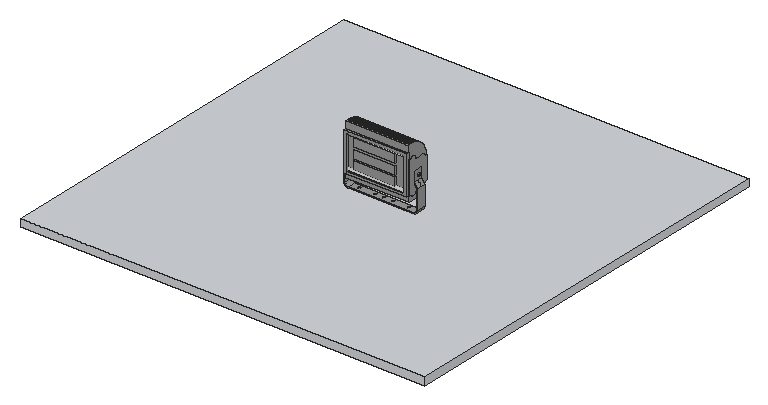
Revit family "ARRN", category Lighting Fixtures, host Face, Revit 2014
Parameters (values of type "ARRN")
  Wings = Paint - Hubbell - Light Silver
  Width = 136.00 mm
  Watts = 54 W
  Wattage Comments = "54"
  Wattage = 54 W
  Warranty = "5 years Warranty"  # constant formula
  built-in parameter 1150110 = 1 (stored number, unit not read)
  Voltage = 120 V
  URL = "https://www.hubbell.com/chalmit/en"
  built-in parameter 1114217 = 1 (stored number, unit not read)
  Tilt Angle = 90.00°
  built-in parameter 1150109 = 1 (stored number, unit not read)
  built-in parameter 1150134 = 3
  built-in parameter 1150113 = 1 (stored number, unit not read)
  Reflector Finish = Hubbell - White Glass
  Product Link = "https://www.hubbell.com/chalmit/en/Products/Lighting-Controls/Harsh-Hazardous-Lighting/Flood-Lighting/Arran/p/866093"
  Product Documentation Link = "https://hubbellcdn.com/specsheet/Arran_Zone2_Datasheet_V2.pdf"
  Power Factor = 1
  Photometric Web File = "ARRN_06L_LE.ies"
  Pendent Height [instance] = 97.00 mm
  built-in parameter 1150142 = "﻿IESNA:LM-63-2002\r\n[TEST]SD1902073C\r\n[TESTLAB]Hubbell Scotland\r\n[ISSUEDATE]2019-02-08\r\n[MANUFAC]Chalmit Lighting\r\n[LUMINAIRE]Arran LED Floodlight           \r\n[LUMCAT]ARRN/06L/LE\r\n[LAMPCAT]LED  \r\n[LAMP]LED\r\n[_LUMTYPE]Floodlight\r\n[_LAMPTYPE]LED\r\n[_LAMPMORE]Light Emitting Diodes, White\r\n[_HAZRATING]Zone 2, Zone 21, Zone 22\r\n[_HAZPRO]Ex nA, IECEx, ATEX\r\n[_ENVIRORATING]IP66\r\n[_AMBIENT]-50°C to +40°C (T6), -50°C to +55°C (T5)\r\n[_MOUNT]Surface, Suspended, Stanchion, Wall, Stirrup, Pendant\r\n[_KEYWORDS]Pole, Column, Mast, Floor Stand, Ratchet Handles, Swing Jib, Tripod\r\n[_DRAWFILE]ARRAN.dwg\r\n\r\nTILT=NONE\r\n1 -1 1 41 25 1 2 0.44 0.29 0.15\r\n1 1 53.76\r\n0 2.5 5 7.5 10 12.5 15 17.5 20 22.5 25 27.5 30 32.5 35 37.5 40 42.5 45 47.5 50 52.5 55 57.5 60 62.5 65 67.5 70 72.5 75 77.5 80 82.5 85 87.5 90 92.5 95 97.5 100\r\n0 15 30 45 60 75 90 105 120 135 150 165 180 195 210 225 240 255 270 285 300 315 330 345 360\r\n2355.52 2352.37 2347.78 2342.42 2335.11 2332.57 2327.33 2317.71 2298.92 2279.74 2253.22 2218.93 2180.29 2140.35 2094.6 2042.3 1986.3 1920.7 1848.04 1763.24 1678.78 1582.3 1475.46 1354.72 1227.67 1092.08 949.594 801.975 639.715 381.769 279.38 157.67 112.07 45.2959 14.7575 6.34816 2.77073 2.35007 1.79918 3.22281 2.90247\r\n2355.52 2351.33 2344.26 2339.59 2332.88 2329.51 2321.22 2308.61 2292.77 2270.16 2246.87 2213.47 2177.06 2140.2 2095.2 2042.71 1981.21 1909.59 1831.76 1743.56 1645.96 1546.4 1435.02 1314.03 1190.92 1057.78 905.96 745.626 579.123 350.001 255.119 142.736 98.0106 25.47 10.9221 4.33882 1.06231 3.37761 2.39983 3.05677 2.84786\r\n2351.7 2349.8 2344.1 2336.93 2331.67 2327.9 2321.43 2313.04 2299.45 2283.01 2259.9 2233.41 2201.68 2163.27 2121.34 2068.6 2013.06 1952.01 1875.77 1791.91 1700.59 1595.97 1486.03 1361.18 1225.25 1078.84 937.487 788.105 639.249 486.359 289.028 207.132 118.338 52.1951 14.0197 5.71906 2.70503 1.33166 2.33255 3.27084 3.34935\r\n2351.56 2345.68 2338.83 2333.48 2325.99 2322.16 2315.39 2305.41 2296.19 2278.32 2257.65 2230.53 2203.06 2163.83 2119.48 2066.7 2008.22 1938.53 1860.14 1771.22 1669.33 1557.35 1435.77 1298.7 1171.91 1027.35 879.953 725.44 601.863 464.842 344.867 201.276 127.073 55.4836 10.938 4.33436 1.66162 2.44811 0.884179 1.91297 4.19892\r\n2347.84 2345.4 2336.9 2329.83 2326.23 2321.79 2314.56 2306.18 2295.12 2278.85 2258.53 2232.24 2202.18 2168.12 2123.94 2075.76 2017.13 1956.63 1885.84 1795.57 1697.13 1594.65 1500.49 1387.17 1250.14 1101.8 939.296 783.394 637.483 491.888 356.897 250.329 167.97 74.2571 22.128 4.4811 0.92091 2.53941 2.38282 1.88861 1.8166\r\n2346.73 2342.12 2337.06 2329.06 2324.55 2323.4 2314.72 2304.15 2286.83 2268.08 2245.3 2217.65 2183.49 2148.02 2099.49 2042.95 1988.84 1919.13 1835.73 1745.02 1668.96 1582.64 1464.96 1335.67 1206.14 1058.61 909.154 750.603 595.592 450.074 315.517 216.446 132.775 73.2516 11.5201 4.00227 0 1.74851 1.54515 2.47081 2.23944\r\n2345.02 2342.8 2338.52 2334.24 2325.78 2325.72 2322.65 2310.51 2295.09 2274.81 2253.93 2223.3 2185.8 2140.07 2096.05 2046.97 1993.66 1926.75 1849.47 1767.89 1691.63 1598.43 1496.57 1363.72 1233.72 1093.32 955.146 792.634 639.025 479.546 344.145 236.62 154.03 70.9042 23.7527 2.1122 1.14138 2.62183 1.63811 1.35155 2.20072\r\n2347.52 2342.63 2337.54 2335.42 2331.46 2330.6 2321.03 2309.06 2294.1 2274.23 2249.96 2221.14 2189.73 2154.85 2107 2054.48 1999.93 1933.15 1856.54 1766.37 1681.49 1604.46 1495 1358.48 1225.01 1075.79 926.991 762.984 614.139 467.053 326.881 220.089 135.216 70.9405 8.17531 1.7548 1.83162 1.26246 2.30361 1.62846 2.00266\r\n2350.04 2347.42 2343.72 2338.14 2335.81 2333.29 2325.28 2314.51 2302.28 2286.95 2266.86 2243.91 2214.77 2182.41 2141.51 2096.75 2041.4 1981.94 1912.08 1823.23 1728.4 1620.89 1520.37 1409.68 1283.59 1138.83 975.975 816.271 664.493 520.236 379.623 258.712 148.774 69.8843 16.1771 2.7904 1.01033 1.91543 2.46038 0.200343 0.769972\r\n2354.36 2350.04 2346.97 2343.23 2338.68 2333.57 2324.25 2314.27 2302.88 2288.58 2272.06 2248.84 2218.44 2183.85 2140.77 2087.93 2028.25 1963.54 1889.38 1805.46 1709.54 1598.87 1476.94 1344.94 1219.05 1064.93 924.84 765.387 625.579 482.831 310.581 199.866 110.306 38.4925 6.95655 2.17641 2.12549 0.507314 2.03373 2.12495 1.02322\r\n2355.2 2353.38 2352.45 2346 2341.8 2337.08 2328.05 2317.71 2307.73 2292.6 2274.45 2251.09 2223.49 2185.6 2142.58 2098.55 2038.28 1978.56 1912.21 1826.53 1738.89 1638.42 1528.47 1405.95 1273.81 1121.11 979.562 831.079 670.124 447.771 294.246 196.934 112.432 39.5486 11.0191 4.44631 2.25076 0.205207 1.34053 0.571519 1.80389\r\n2357.74 2355.21 2352.99 2347.57 2340.64 2337.43 2330.14 2315.4 2302.09 2284.95 2263.83 2227.85 2195.32 2156.19 2115.84 2067.23 2009.01 1943 1863.83 1776.98 1683.07 1579.92 1471.89 1349.93 1221.29 1082.05 932.135 768.786 482.866 354.377 248.189 127.473 60.7792 16.5888 7.27759 2.5354 2.62789 2.16511 2.79537 1.78507 1.36572\r\n2355.52 2353.24 2349.64 2344.65 2339.08 2338.24 2331.7 2319.35 2302.96 2283.86 2257.7 2228.54 2191.41 2150.67 2106.08 2055.06 1999.07 1934.25 1863.88 1779.71 1691.49 1590.62 1478.62 1360.76 1230.11 1091.56 954.626 781.54 492.634 369.024 260.501 138.4 63.1387 19.6657 7.87917 4.00859 0.160519 0 0 1.1568 0.983276\r\n2355.52 2353.92 2349.88 2345.23 2340.27 2335.82 2327.59 2316.1 2304.07 2287.97 2265.98 2239.04 2204.32 2166 2126.77 2080.86 2029.72 1963.49 1887.97 1802.52 1710.48 1611.57 1497.51 1380.03 1256.8 1120.91 984.25 817.99 600.801 391.321 278.256 144.298 99.4949 21.8631 8.0902 4.17916 1.36863 0.387784 1.77611 1.58303 1.13195\r\n2351.7 2347.77 2345.52 2340.81 2335.71 2330.31 2322.66 2311.92 2302.7 2288.81 2267.77 2244.06 2212.9 2176.51 2133.79 2083.79 2032.42 1970.13 1897.35 1815.46 1723.05 1621.28 1509.99 1383.18 1242.56 1094.24 947.675 804.36 641.672 411.02 284.595 176.011 106.685 30.646 9.06582 2.87756 1.56281 1.69526 0.420075 1.34475 2.75838\r\n2351.56 2347.01 2342.24 2338.64 2331.71 2326.82 2317.57 2310.72 2301.4 2290.25 2271.99 2249.4 2221.34 2187.85 2144.28 2094.92 2040.54 1979.7 1905.43 1827.46 1732.23 1627.88 1509.08 1381.08 1243.33 1102.08 951.695 797.894 652.141 521.594 386.706 222.354 141.471 65.6217 10.7391 3.84288 0.386134 1.18793 0.621427 1.44569 0.998439\r\n2347.84 2343.11 2337.39 2332.57 2327.89 2322.98 2317.07 2306.24 2294.66 2277.28 2256.37 2232.09 2204.9 2171 2129.59 2081.73 2027.41 1961.88 1885.1 1805.17 1704.87 1601.53 1491.19 1386.93 1259.2 1118.59 953.327 801.286 646.654 500.451 358.731 248.537 140.4 57.4234 13.5366 2.90306 0.274848 1.04184 1.09289 0.861863 1.92043\r\n2346.73 2342.84 2338.81 2332.15 2325.36 2323.64 2319.14 2306.38 2293.76 2275.89 2250.3 2223.3 2192.94 2155.26 2112.97 2061.28 2004.99 1944.54 1876.57 1787.4 1693.64 1597.5 1512.99 1385.9 1253.44 1111.5 961.504 808.301 647.82 502.953 360.573 238.813 166.538 84.5618 19.5679 3.25003 0 0.35935 1.65862 0 1.83188\r\n2345.02 2341.64 2337.37 2331.36 2325.49 2323.66 2320.94 2309.25 2287.91 2265.91 2244.24 2211.08 2171.09 2129.26 2083.63 2034.02 1975.92 1913.62 1835.34 1756.95 1669.9 1576.4 1471.22 1347.51 1208.94 1078.07 938.949 778.153 626.026 472.254 335.402 232.525 139.334 70.3592 13.4707 2.82755 0 0.895832 0.87968 1.55972 2.14665\r\n2347.52 2345.87 2339.77 2333.03 2329.39 2325.34 2319.31 2308.52 2290.09 2270.76 2247.4 2220.27 2186.93 2150.01 2106.59 2053.05 1996.05 1934.03 1861.01 1769.4 1676.35 1579.97 1491.21 1372.3 1234.34 1095.97 945.42 790.415 637.883 494.528 351.566 238.875 161.623 87.877 21.7359 2.3876 0 1.30526 0.517235 1.10688 0.716461\r\n2350.04 2347.31 2340.02 2335.5 2329.65 2326.48 2318.09 2308.37 2293.85 2279.28 2257.09 2229.33 2197.04 2158.96 2115.82 2067.88 2011.28 1945.92 1865.24 1781.39 1684.37 1579.56 1468.54 1357.27 1235.18 1075.24 917.49 769.115 619.5 481.577 354.297 243.292 136.933 71.2721 15.598 3.25431 2.21307 1.2138 0.0338176 0.586064 1.31643\r\n2354.36 2352.03 2345.26 2340.15 2332.37 2330.78 2321.53 2314 2302.4 2286.8 2264.28 2241.59 2209.55 2175.19 2125.87 2075.49 2019.26 1952.19 1875.6 1793.79 1694.71 1590.88 1465.61 1334.63 1203.44 1062.28 912.45 770.21 624.102 502.994 373.701 220.213 147.38 71.5043 12.1936 4.70298 0.418309 0 1.19325 0.913115 1.90777\r\n2355.2 2354.17 2349.23 2341.54 2334.73 2332.99 2323.98 2315.7 2299.42 2280.01 2257.67 2231.91 2198.48 2158.83 2112.97 2062.15 2001.81 1943.33 1861.84 1777.73 1683.51 1582.82 1473.68 1350.97 1209.45 1063.4 920.167 771.113 616.809 446.596 269.709 190.983 113.684 45.8094 12.3227 2.77617 0.717166 0.458732 0 1.31649 1.21717\r\n2357.74 2356.61 2350.12 2343.48 2338.41 2334.73 2328.37 2316.99 2301.21 2284.01 2256.17 2224.55 2188.65 2150.2 2108.55 2058.31 1999.22 1931.87 1857.92 1771.11 1680.8 1580.43 1474.53 1352.78 1227.97 1097.36 944.908 792.806 628.403 373.353 272.534 153.087 116.602 42.4105 13.9462 5.54003 0.935477 0.546892 1.45963 0.443408 0.181595\r\n2355.52 2352.37 2347.78 2342.42 2335.11 2332.57 2327.33 2317.71 2298.92 2279.74 2253.22 2218.93 2180.29 2140.35 2094.6 2042.3 1986.3 1920.7 1848.04 1763.24 1678.78 1582.3 1475.46 1354.72 1227.67 1092.08 949.594 801.975 639.715 381.769 279.38 157.67 112.07 45.2959 14.7575 6.34816 2.77073 2.35007 1.79918 3.22281 2.90247\r\n"
  Mounting = Paint - Hubbell - Light Silver
  Model = "ARRN"
  Manufacturer = "Chalmit"  # constant formula
  built-in parameter 1150105 = 429.72 (stored number, unit not read)
  Lumens = 5400 lm
  built-in parameter 1150115 = 1 (stored number, unit not read)
  Load Classification = Lighting
  built-in parameter 1150137 = (empty or 0)
  built-in parameter 1150139 = (empty or 0)
  Length = 444.00 mm
  built-in parameter 1150112 = 1 (stored number, unit not read)
  built-in parameter 1150114 = 1 (stored number, unit not read)
  Lamp = "LED"  # constant formula
  built-in parameter 1150132 = (empty or 0)
  built-in parameter 1150102 = (empty or 0)
  built-in parameter 1150107 = 3200 (stored number, unit not read)
  built-in parameter 1150138 = (empty or 0)
  built-in parameter 1150106 = 4.2972 (stored number, unit not read)
  IP Rating = "IP66"  # constant formula
  Housing Material = Paint - Hubbell - Textured Camera Black
  Glass = Hubbell - Glass
  Fixture distribution = "Direct"  # constant formula
  Features = "Instant on crisp white output.\r\nHighly Energy Efficient.\r\nLow temperature applications to -50°C.\r\n130,000 maintenance free hours at 25°C."  # constant formula
  Emit from Rectangle Width = Length - 80.00 mm  # 364.00 mm
  Emit from Rectangle Length = 200.00 mm  # constant formula
  Emit Shape Visible in Rendering = no
  built-in parameter 1150104 = 9.2903 (stored number, unit not read)
  Height = 443.00 mm
  Dimming Lamp Color Temperature Shift = <None>
  Description = "Sleek and highly efficient this reliable compact luminaire delivers a uniform photometric distribution and powerful performance of 130,000 maintenance free hours at 25°C . The excellent temperature range of -50°C to +55°C makes Arran a global lighting solution providing high output lighting at extreme temperatures. Offering an easily maintainable driver and LED strip, the Arran provides all the advantages of an LED luminaire with the benefit of extending its serviceable life."  # constant formula
  Default Elevation = 1219.20 mm
  Copyright = " ©2020 Chalmit, a division of Hubbell Lighting, Inc"  # constant formula
  Contact = "https://www.hubbell.com/chalmit/en/contactUs"
  Connector Description = "Lighting Connector"  # constant formula
  Color Filter = 16777215
  built-in parameter 1114218 = 1 (stored number, unit not read)
  built-in parameter 1150133 = 10 (stored number, unit not read)
  Assembly Code = "D5020200"
  Apparent Load = Watts / Power Factor  # 54 VA
Reference planes
  plane 1 "Center (Front/Back)": y = 0
  plane 2: z = 14.125
  plane 3 "Center (Left/Right)": x = 0
  plane 4: z = 457.125
  plane 5: z = -150.375
  plane 6: y = 68
  plane 7: y = -68
  plane 8: x = 222
  plane 9: x = -222
  plane 10: z = 224.125
Forms (mm)
  Extrusion 1, solid
    sketch origin (0, 0, 0) x (1, 0, 0) y (0, 1, 0)
      loop
        line (-1219.2, 1219.2) -> (-1219.2, -1219.2) -> (1219.2, -1219.2) -> (1219.2, 1219.2) -> (-1219.2, 1219.2)
    from 14.125 to -31.75
  Sweep 2, solid, material "Paint - Hubbell - Light Silver" <- "Mounting"
    path origin (0, 0, 0) x (1, 0, 0) y (0, 0, 1)
      loop
        line (-203.062, 243.564) -> (-203.062, 188.564)
        spline (-203.062, 188.564) -> (-203.874, 185.987) -> (-204.937, 183.316) -> (-206.216, 180.562) -> (-207.678, 177.738) -> (-209.291, 174.857) -> (-211.021, 171.93) -> (-212.835, 168.971) -> (-214.699, 165.992) -> (-216.581, 163.005) -> (-218.447, 160.024) -> (-220.265, 157.059) -> (-222, 154.125)
        line (-222, 154.125) -> (-222, 39.125)
        arc (-222, 39.125) -> (-214.678, 21.447) -> (-197, 14.125) r 25
        line (-197, 14.125) -> (0, 14.125) -> (197, 14.125)
        arc (197, 14.125) -> (214.678, 21.447) -> (222, 39.125) r 25
        line (222, 39.125) -> (222, 154.125)
        spline (222, 154.125) -> (220.265, 157.059) -> (218.447, 160.024) -> (216.581, 163.005) -> (214.699, 165.992) -> (212.835, 168.971) -> (211.021, 171.93) -> (209.291, 174.857) -> (207.678, 177.738) -> (206.216, 180.562) -> (204.937, 183.316) -> (203.874, 185.987) -> (203.062, 188.564)
        line (203.062, 188.564) -> (203.062, 243.564)
    profile origin (-222, 0, 96.625) x (0, -1, 0) y (1, 0, 0)
      loop
        line (0, 0) -> (25, 0) -> (25, 5) -> (-25, 5) -> (-25, 0) -> (0, 0)
  Revolve 3, solid, material "Paint - Hubbell - Light Silver" <- "Mounting"
    sketch origin (-16.179, 1.072, 219.129) x (1, 0, 0) y (0, 1, 0)
      loop
        line (217.018, 0) -> (226.086, 0) -> (226.086, 7.246)
        arc (226.086, 7.246) -> (225.874, 7.757) -> (225.363, 7.969) r 0.723
        line (225.363, 7.969) -> (217.018, 7.969) -> (217.018, 0)
      axis (226.086, 0) -> (217.018, 0)
    angle from 0 to 360
  Extrusion 4, void
    sketch origin (0, 0, 0) x (1, 0, 0) y (0, 1, 0)
      loop
        circle (0, 0) r 6.5
      loop
        circle (56, 0) r 6.5
      loop
        circle (150, 0) r 6.5
      loop
        circle (-56, 0) r 6.5
      loop
        circle (-150, 0) r 6.5
    from 14.125 to 19.125
  Extrusion 5, solid, material "Paint - Hubbell - Light Silver"
    sketch origin (0, 0, -70) x (0, 1, 0) y (0, 0, 1)
      loop
        line (-58, 458.932) -> (-58, 155.318)
        arc (-58, 155.318) -> (-10.817, 154.834) -> (33.385, 171.347) r 129.029
        arc (33.385, 171.347) -> (60.14, 203.294) -> (76.879, 241.456) r 147.325
        arc (76.879, 241.456) -> (81.499, 307.125) -> (76.879, 372.794) r 469.075
        arc (76.879, 372.794) -> (60.14, 410.956) -> (33.385, 442.903) r 147.325
        arc (33.385, 442.903) -> (-10.817, 459.416) -> (-58, 458.932) r 129.029
    from -187.684 to 189.382
  Extrusion 6, void
    sketch origin (0, 0, -70) x (0, 1, 0) y (0, 0, 1)
      loop
        line (-43.473, 467.058) -> (-43.473, 392.125) -> (-38.473, 392.125) -> (-38.473, 467.058) -> (-43.473, 467.058)
      loop
        line (-33.473, 467.058) -> (-33.473, 392.125) -> (-28.473, 392.125) -> (-28.473, 467.058) -> (-33.473, 467.058)
      loop
        line (-23.473, 467.058) -> (-23.473, 392.125) -> (-18.473, 392.125) -> (-18.473, 467.058) -> (-23.473, 467.058)
      loop
        line (-13.473, 467.058) -> (-13.473, 392.125) -> (-8.473, 392.125) -> (-8.473, 467.058) -> (-13.473, 467.058)
      loop
        line (-2.904, 461.881) -> (-2.904, 386.949) -> (2.096, 386.949) -> (2.096, 461.881) -> (-2.904, 461.881)
      loop
        line (7.096, 461.881) -> (7.096, 384.449) -> (12.096, 384.449) -> (12.096, 461.881) -> (7.096, 461.881)
      loop
        line (15.89, 455.041) -> (15.89, 380.108) -> (20.89, 380.108) -> (20.89, 455.041) -> (15.89, 455.041)
      loop
        line (25.89, 455.041) -> (25.89, 372.608) -> (30.89, 372.608) -> (30.89, 455.041) -> (25.89, 455.041)
      loop
        line (34.575, 450.499) -> (34.575, 368.066) -> (39.575, 368.066) -> (39.575, 450.499) -> (34.575, 450.499)
      loop
        line (44.575, 450.499) -> (44.575, 360.566) -> (49.575, 360.566) -> (49.575, 450.499) -> (44.575, 450.499)
      loop
        line (53.894, 424.072) -> (53.894, 352.89) -> (58.894, 352.89) -> (58.894, 424.072) -> (53.894, 424.072)
      loop
        line (63.894, 424.072) -> (63.894, 349.14) -> (68.894, 349.14) -> (68.894, 424.072) -> (63.894, 424.072)
      loop
        line (-58, 467.058) -> (-58, 392.125) -> (-53, 392.125) -> (-53, 467.058) -> (-58, 467.058)
      loop
        line (-43.473, 147.192) -> (-38.473, 147.192) -> (-38.473, 222.125) -> (-43.473, 222.125) -> (-43.473, 147.192)
      loop
        line (-33.473, 147.192) -> (-28.473, 147.192) -> (-28.473, 222.125) -> (-33.473, 222.125) -> (-33.473, 147.192)
      loop
        line (-23.473, 147.192) -> (-18.473, 147.192) -> (-18.473, 222.125) -> (-23.473, 222.125) -> (-23.473, 147.192)
      loop
        line (-13.473, 147.192) -> (-8.473, 147.192) -> (-8.473, 222.125) -> (-13.473, 222.125) -> (-13.473, 147.192)
      loop
        line (-2.904, 152.369) -> (2.096, 152.369) -> (2.096, 227.301) -> (-2.904, 227.301) -> (-2.904, 152.369)
      loop
        line (7.096, 152.369) -> (12.096, 152.369) -> (12.096, 229.801) -> (7.096, 229.801) -> (7.096, 152.369)
      loop
        line (15.89, 159.209) -> (20.89, 159.209) -> (20.89, 234.142) -> (15.89, 234.142) -> (15.89, 159.209)
      loop
        line (25.89, 159.209) -> (30.89, 159.209) -> (30.89, 241.642) -> (25.89, 241.642) -> (25.89, 159.209)
      loop
        line (34.575, 163.751) -> (39.575, 163.751) -> (39.575, 246.184) -> (34.575, 246.184) -> (34.575, 163.751)
      loop
        line (44.575, 163.751) -> (49.575, 163.751) -> (49.575, 253.684) -> (44.575, 253.684) -> (44.575, 163.751)
      loop
        line (53.894, 190.178) -> (58.894, 190.178) -> (58.894, 261.36) -> (53.894, 261.36) -> (53.894, 190.178)
      loop
        line (63.894, 190.178) -> (68.894, 190.178) -> (68.894, 265.11) -> (63.894, 265.11) -> (63.894, 190.178)
      loop
        line (-58, 147.192) -> (-53, 147.192) -> (-53, 222.125) -> (-58, 222.125) -> (-58, 147.192)
    from -187.684 to 189.382
  Extrusion 7, solid, material "Paint - Hubbell - Light Silver"
    sketch origin (0, 0, -70) x (0, 1, 0) y (0, 0, 1)
      loop
        line (-58, 386.949) -> (-58, 192.924) -> (-46.761, 195.573)
        arc (-46.761, 195.573) -> (-42.878, 195.055) -> (-40.325, 192.084) r 5.5
        arc (-40.325, 192.084) -> (-25.167, 183.867) -> (-15.275, 197.989) r 12.953
        arc (-15.275, 197.989) -> (-14.317, 201.787) -> (-11.075, 203.985) r 5.5
        line (-11.075, 203.985) -> (22.945, 212.004)
        arc (22.945, 212.004) -> (27.971, 211.891) -> (32.306, 209.346) r 10
        arc (32.306, 209.346) -> (47.514, 205.569) -> (57.982, 217.229) r 15.205
        arc (57.982, 217.229) -> (59.284, 219.746) -> (61.745, 221.15) r 5
        line (61.745, 221.15) -> (70.123, 223.125)
        arc (70.123, 223.125) -> (72.382, 223.955) -> (74.377, 225.301) r 10
        line (74.377, 225.301) -> (74.377, 354.571)
        arc (74.377, 354.571) -> (72.382, 355.917) -> (70.123, 356.747) r 10
        line (70.123, 356.747) -> (61.745, 358.722)
        arc (61.745, 358.722) -> (59.284, 360.127) -> (57.982, 362.643) r 5
        arc (57.982, 362.643) -> (47.514, 374.303) -> (32.306, 370.526) r 15.205
        arc (32.306, 370.526) -> (27.971, 367.981) -> (22.945, 367.868) r 10
        line (22.945, 367.868) -> (-11.075, 375.887)
        arc (-11.075, 375.887) -> (-14.317, 378.085) -> (-15.275, 381.884) r 5.5
        arc (-15.275, 381.884) -> (-25.167, 396.005) -> (-40.325, 387.788) r 12.953
        arc (-40.325, 387.788) -> (-42.878, 384.817) -> (-46.761, 384.299) r 5.5
        line (-46.761, 384.299) -> (-58, 386.949)
    from 189.382 to 198.062
  Extrusion 8, solid, material "Paint - Hubbell - Light Silver"
    sketch origin (0, 0, -70) x (0, 1, 0) y (0, 0, -1)
      loop
        line (-58, -386.949) -> (-46.761, -384.299)
        arc (-46.761, -384.299) -> (-42.878, -384.817) -> (-40.325, -387.788) r 5.5
        arc (-40.325, -387.788) -> (-25.167, -396.005) -> (-15.275, -381.884) r 12.953
        arc (-15.275, -381.884) -> (-14.317, -378.085) -> (-11.075, -375.887) r 5.5
        line (-11.075, -375.887) -> (22.945, -367.868)
        arc (22.945, -367.868) -> (27.971, -367.981) -> (32.306, -370.526) r 10
        arc (32.306, -370.526) -> (47.514, -374.303) -> (57.982, -362.643) r 15.205
        arc (57.982, -362.643) -> (59.284, -360.127) -> (61.745, -358.722) r 5
        line (61.745, -358.722) -> (70.123, -356.747)
        arc (70.123, -356.747) -> (72.382, -355.917) -> (74.377, -354.571) r 10
        line (74.377, -354.571) -> (74.377, -225.301)
        arc (74.377, -225.301) -> (72.382, -223.955) -> (70.123, -223.125) r 10
        line (70.123, -223.125) -> (61.745, -221.15)
        arc (61.745, -221.15) -> (59.284, -219.746) -> (57.982, -217.229) r 5
        arc (57.982, -217.229) -> (47.514, -205.569) -> (32.306, -209.346) r 15.205
        arc (32.306, -209.346) -> (27.971, -211.891) -> (22.945, -212.004) r 10
        line (22.945, -212.004) -> (-11.075, -203.985)
        arc (-11.075, -203.985) -> (-14.317, -201.787) -> (-15.275, -197.989) r 5.5
        arc (-15.275, -197.989) -> (-25.167, -183.867) -> (-40.325, -192.084) r 12.953
        arc (-40.325, -192.084) -> (-42.878, -195.055) -> (-46.761, -195.573) r 5.5
        line (-46.761, -195.573) -> (-58, -192.924) -> (-58, -386.949)
    from 189.382 to 198.062
  Extrusion 9, solid, material "Paint - Hubbell - Light Silver"
    sketch origin (0, 0, -70) x (1, 0, 0) y (0, 0, 1)
      loop
        line (-187.684, 420.221) -> (-187.684, 188.409) -> (189.382, 188.409) -> (189.382, 420.221) -> (-187.684, 420.221)
      loop
        line (-172.684, 405.221) -> (-172.684, 198.521) -> (174.382, 198.521) -> (174.382, 405.221) -> (-172.684, 405.221)
    from 53 to 67.816
  Extrusion 10, solid, material "Hubbell - White Glass" <- "Reflector Finish"
    sketch origin (0, 0, -70) x (1, 0, 0) y (0, 0, 1)
      loop
        line (-172.684, 405.221) -> (-172.684, 198.521) -> (174.382, 198.521) -> (174.382, 405.221) -> (-172.684, 405.221)
    from 55 to 58
  Extrusion 11, solid, material "Paint - Hubbell - Light Silver"
    sketch origin (0, 0, -70) x (1, 0, 0) y (0, 0, 1)
      loop
        line (-136.589, 392.125) -> (-136.589, 342.125) -> (113.411, 342.125) -> (113.411, 392.125) -> (-136.589, 392.125)
      loop
        line (-136.589, 327.125) -> (-136.589, 277.125) -> (113.411, 277.125) -> (113.411, 327.125) -> (-136.589, 327.125)
      loop
        line (-136.589, 267.125) -> (-136.589, 217.125) -> (113.411, 217.125) -> (113.411, 267.125) -> (-136.589, 267.125)
    from 58 to 61.683
  Revolve 12, solid, material "Paint - Hubbell - Light Silver" <- "Mounting"
    sketch origin (17.877, 1.072, 219.129) x (-1, 0, 0) y (0, -1, 0)
      loop
        line (217.018, 0) -> (217.018, -7.969) -> (225.363, -7.969)
        arc (225.363, -7.969) -> (225.874, -7.757) -> (226.086, -7.246) r 0.723
        line (226.086, -7.246) -> (226.086, 0) -> (217.018, 0)
      axis (226.086, 0) -> (217.018, 0)
    angle from 0 to 360
Cuts and joins
  Extrusion 4 cuts Sweep 2
  joined: Sweep 2, Revolve 3
  Extrusion 6 cuts Extrusion 5
Dimensions and locks
  "Height": plane 2 to plane 4
  plane 2 to plane 5 = 164.50 mm
  "Length": plane 8 to plane 9
  equal spacing: plane 8, plane 3 "Center (Left/Right)", plane 9
  "Width": plane 6 to plane 7
  equal spacing: plane 6, plane 1 "Center (Front/Back)", plane 7
  aligned and locked: plane 2 to Extrusion 1
  aligned and locked: cut or joined group of Sweep 2, Revolve 3, Extrusion 4 to Extrusion 4  (x2)
  aligned and locked: Extrusion 5 to Extrusion 6
  aligned and locked: Extrusion 6 to Extrusion 5
Automatic sketch dimensions
  Extrusion 1 sketch curve to Extrusion 1 sketch curve = 2438.40 mm  (x2)
  Sweep 2 sketch curve to plane 9 = 0.00 mm
  Sweep 2 sketch curve to plane 2 = 0.00 mm
  Sweep 2 sketch curve to plane 3 "Center (Left/Right)" = 0.00 mm
  Sweep 2 sketch curve to plane 8 = 0.00 mm
  plane 9 to Sweep 2 sketch curve = 18.938 mm
  plane 9 to Sweep 2 sketch curve = 25.00 mm
  plane 2 to Sweep 2 sketch curve = 25.00 mm
  Sweep 2 sketch curve to plane 8 = 18.938 mm
  plane 10 to Sweep 2 sketch curve = 70.00 mm  (x2)
  plane 10 to Sweep 2 sketch curve = 35.561 mm  (x2)
  Sweep 2 sketch curve to plane 10 = 19.439 mm  (x2)
  Sweep 2 sketch curve to profile plane = 0.00 mm
  plane 1 "Center (Front/Back)" to Sweep 2 sketch curve = 0.00 mm
  Sweep 2 sketch curve to profile plane = 5.00 mm
  Sweep 2 sketch curve to plane 1 "Center (Front/Back)" = 25.00 mm
  plane 1 "Center (Front/Back)" to Sweep 2 sketch curve = 25.00 mm
  Revolve 3 sketch curve to plane 1 "Center (Front/Back)" = 9.041 mm
  Revolve 3 sketch curve to plane 8 = 21.16 mm
  Revolve 3 sketch curve to Revolve 3 sketch curve = 8.344 mm
  Revolve 3 sketch curve to plane 1 "Center (Front/Back)" = 1.072 mm  (x2)
  Revolve 3 sketch curve to Revolve 3 sketch curve = 0.723 mm
  Revolve 3 sketch curve to Revolve 3 sketch curve = 25.018 mm
  Revolve 3 sketch curve to Revolve 3 sketch curve = 4.086 mm
  plane 1 "Center (Front/Back)" to Extrusion 4 sketch curve = 0.00 mm  (x5)
  Extrusion 4 sketch curve to plane 3 "Center (Left/Right)" = 0.00 mm
  Extrusion 4 sketch curve to plane 3 "Center (Left/Right)" = 56.00 mm
  plane 9 to Extrusion 4 sketch curve = 72.00 mm
  Extrusion 4 sketch curve to Extrusion 4 sketch curve = 56.00 mm
  Extrusion 4 sketch curve to plane 8 = 72.00 mm
  Extrusion 5 sketch curve to plane 10 = 13.00 mm
  plane 7 to Extrusion 5 sketch curve = 319.577 mm
  Extrusion 5 sketch curve to plane 7 = 2.949 mm  (x2)
  Extrusion 5 sketch curve to plane 7 = 10.00 mm
  Extrusion 5 sketch curve to Extrusion 5 sketch curve = 31.943 mm  (x2)
  plane 10 to Extrusion 5 sketch curve = 12.202 mm
  plane 10 to Extrusion 5 sketch curve = 13.166 mm
  plane 2 to Extrusion 5 sketch curve = 71.193 mm
  Extrusion 5 sketch curve to plane 10 = 38.202 mm
  Extrusion 5 sketch curve to Extrusion 5 sketch curve = 0.963 mm
  Extrusion 5 sketch curve to Extrusion 5 sketch curve = 125.641 mm
  Extrusion 5 sketch curve to plane 1 "Center (Front/Back)" = 33.385 mm  (x2)
  Extrusion 5 sketch curve to plane 6 = 8.879 mm
  Extrusion 6 sketch curve to plane 7 = 10.00 mm  (x2)
  Extrusion 6 sketch curve to Extrusion 6 sketch curve = 5.00 mm  (x34)
  Extrusion 6 sketch curve to Extrusion 6 sketch curve = 9.527 mm  (x2)
  plane 1 "Center (Front/Back)" to Extrusion 6 sketch curve = 2.904 mm  (x2)
  Extrusion 6 sketch curve to plane 1 "Center (Front/Back)" = 2.096 mm  (x2)
  Extrusion 6 sketch curve to Extrusion 6 sketch curve = 3.794 mm  (x2)
  Extrusion 6 sketch curve to Extrusion 6 sketch curve = 3.685 mm  (x2)
  Extrusion 6 sketch curve to Extrusion 6 sketch curve = 4.319 mm  (x2)
  plane 6 to Extrusion 6 sketch curve = 4.106 mm  (x2)
  Extrusion 6 sketch curve to plane 6 = 0.894 mm  (x2)
  plane 2 to Extrusion 6 sketch curve = 63.067 mm
  Extrusion 6 sketch curve to Extrusion 6 sketch curve = 0.00 mm  (x22)
  Extrusion 6 sketch curve to Extrusion 6 sketch curve = 5.176 mm  (x5)
  Extrusion 6 sketch curve to Extrusion 6 sketch curve = 6.84 mm  (x2)
  Extrusion 6 sketch curve to Extrusion 6 sketch curve = 4.542 mm  (x5)
  Extrusion 6 sketch curve to Extrusion 6 sketch curve = 26.426 mm  (x2)
  Extrusion 6 sketch curve to Extrusion 6 sketch curve = 62.916 mm
  Extrusion 6 sketch curve to Extrusion 6 sketch curve = 2.50 mm  (x2)
  Extrusion 6 sketch curve to Extrusion 6 sketch curve = 4.34 mm  (x2)
  Extrusion 6 sketch curve to Extrusion 6 sketch curve = 7.50 mm  (x4)
  Extrusion 6 sketch curve to Extrusion 6 sketch curve = 7.676 mm  (x2)
  Extrusion 6 sketch curve to Extrusion 6 sketch curve = 3.75 mm  (x2)
  Extrusion 6 sketch curve to plane 10 = 55.015 mm
  Extrusion 6 sketch curve to Extrusion 6 sketch curve = 43.964 mm
  Extrusion 7 sketch curve to plane 7 = 10.00 mm
  Extrusion 7 sketch curve to Extrusion 7 sketch curve = 11.239 mm  (x2)
  Extrusion 7 sketch curve to Extrusion 7 sketch curve = 1.262 mm  (x4)
  Extrusion 7 sketch curve to Extrusion 7 sketch curve = 17.361 mm  (x2)
  plane 1 "Center (Front/Back)" to Extrusion 7 sketch curve = 11.075 mm  (x2)
  Extrusion 7 sketch curve to plane 1 "Center (Front/Back)" = 22.945 mm  (x2)
  Extrusion 7 sketch curve to Extrusion 7 sketch curve = 2.294 mm  (x2)
  Extrusion 7 sketch curve to Extrusion 7 sketch curve = 20.106 mm  (x2)
  plane 6 to Extrusion 7 sketch curve = 6.255 mm  (x2)
  Extrusion 7 sketch curve to Extrusion 7 sketch curve = 1.147 mm  (x2)
  plane 6 to Extrusion 7 sketch curve = 0.171 mm  (x2)
  Extrusion 7 sketch curve to plane 6 = 2.123 mm  (x2)
  Extrusion 7 sketch curve to Extrusion 7 sketch curve = 4.254 mm
  plane 10 to Extrusion 7 sketch curve = 103.905 mm
  Extrusion 7 sketch curve to Extrusion 7 sketch curve = 2.704 mm
  Extrusion 7 sketch curve to Extrusion 7 sketch curve = 5.353 mm  (x4)
  Extrusion 7 sketch curve to Extrusion 7 sketch curve = 6.255 mm
  Extrusion 7 sketch curve to Extrusion 7 sketch curve = 2.157 mm  (x2)
  Extrusion 7 sketch curve to Extrusion 7 sketch curve = 3.639 mm
  Extrusion 7 sketch curve to Extrusion 7 sketch curve = 9.733 mm  (x2)
  Extrusion 7 sketch curve to Extrusion 7 sketch curve = 4.279 mm
  Extrusion 7 sketch curve to Extrusion 7 sketch curve = 3.821 mm
  Extrusion 7 sketch curve to Extrusion 7 sketch curve = 4.867 mm  (x2)
  Extrusion 7 sketch curve to Extrusion 7 sketch curve = 1.975 mm  (x2)
  Extrusion 7 sketch curve to Extrusion 7 sketch curve = 2.176 mm
  Extrusion 7 sketch curve to plane 10 = 52.889 mm
  Extrusion 7 sketch curve to Extrusion 7 sketch curve = 7.558 mm
  Extrusion 7 sketch curve to Extrusion 7 sketch curve = 1.046 mm
  Extrusion 7 sketch curve to Extrusion 7 sketch curve = 8.10 mm
  Extrusion 7 sketch curve to Extrusion 7 sketch curve = 8.019 mm
  Extrusion 7 sketch curve to Extrusion 7 sketch curve = 0.901 mm
  Extrusion 7 sketch curve to Extrusion 7 sketch curve = 2.649 mm
  Extrusion 7 sketch curve to Extrusion 7 sketch curve = 0.00 mm  (x4)
  Extrusion 8 sketch curve to plane 7 = 10.00 mm
  Extrusion 8 sketch curve to Extrusion 8 sketch curve = 11.239 mm  (x2)
  Extrusion 8 sketch curve to Extrusion 8 sketch curve = 1.262 mm  (x4)
  Extrusion 8 sketch curve to Extrusion 8 sketch curve = 17.361 mm  (x2)
  plane 1 "Center (Front/Back)" to Extrusion 8 sketch curve = 11.075 mm  (x2)
  Extrusion 8 sketch curve to plane 1 "Center (Front/Back)" = 22.945 mm  (x2)
  Extrusion 8 sketch curve to Extrusion 8 sketch curve = 2.294 mm  (x2)
  Extrusion 8 sketch curve to Extrusion 8 sketch curve = 20.106 mm  (x2)
  plane 6 to Extrusion 8 sketch curve = 6.255 mm  (x2)
  Extrusion 8 sketch curve to Extrusion 8 sketch curve = 1.147 mm  (x2)
  plane 6 to Extrusion 8 sketch curve = 0.171 mm  (x2)
  Extrusion 8 sketch curve to plane 6 = 2.123 mm  (x2)
  Extrusion 8 sketch curve to Extrusion 8 sketch curve = 4.254 mm
  Extrusion 8 sketch curve to plane 10 = 95.528 mm
  Extrusion 8 sketch curve to Extrusion 8 sketch curve = 2.704 mm
  Extrusion 8 sketch curve to Extrusion 8 sketch curve = 5.353 mm  (x4)
  Extrusion 8 sketch curve to Extrusion 8 sketch curve = 6.255 mm
  Extrusion 8 sketch curve to Extrusion 8 sketch curve = 2.157 mm  (x2)
  Extrusion 8 sketch curve to Extrusion 8 sketch curve = 3.639 mm
  Extrusion 8 sketch curve to Extrusion 8 sketch curve = 9.733 mm  (x2)
  Extrusion 8 sketch curve to Extrusion 8 sketch curve = 14.013 mm
  Extrusion 8 sketch curve to Extrusion 8 sketch curve = 3.821 mm
  Extrusion 8 sketch curve to Extrusion 8 sketch curve = 4.867 mm  (x2)
  Extrusion 8 sketch curve to Extrusion 8 sketch curve = 1.975 mm  (x2)
  Extrusion 8 sketch curve to Extrusion 8 sketch curve = 2.176 mm
  plane 10 to Extrusion 8 sketch curve = 61.266 mm
  Extrusion 8 sketch curve to Extrusion 8 sketch curve = 7.558 mm
  Extrusion 8 sketch curve to Extrusion 8 sketch curve = 1.046 mm
  Extrusion 8 sketch curve to Extrusion 8 sketch curve = 8.10 mm
  Extrusion 8 sketch curve to Extrusion 8 sketch curve = 8.019 mm
  Extrusion 8 sketch curve to Extrusion 8 sketch curve = 0.901 mm
  Extrusion 8 sketch curve to Extrusion 8 sketch curve = 2.649 mm
  Extrusion 8 sketch curve to Extrusion 8 sketch curve = 0.00 mm  (x4)
  plane 9 to Extrusion 9 sketch curve = 34.316 mm
  Extrusion 9 sketch curve to Extrusion 9 sketch curve = 15.00 mm  (x3)
  Extrusion 9 sketch curve to plane 8 = 47.618 mm
  plane 2 to Extrusion 9 sketch curve = 104.284 mm
  Extrusion 9 sketch curve to Extrusion 9 sketch curve = 10.112 mm
  Extrusion 9 sketch curve to plane 10 = 111.096 mm
  plane 9 to Extrusion 10 sketch curve = 49.316 mm
  Extrusion 10 sketch curve to plane 8 = 47.618 mm
  plane 10 to Extrusion 10 sketch curve = 95.604 mm
  Extrusion 10 sketch curve to plane 10 = 111.096 mm
  plane 9 to Extrusion 11 sketch curve = 85.411 mm
  plane 10 to Extrusion 11 sketch curve = 27.00 mm
  Extrusion 11 sketch curve to Extrusion 11 sketch curve = 0.00 mm  (x4)
  plane 10 to Extrusion 11 sketch curve = 17.00 mm
  Extrusion 11 sketch curve to plane 8 = 108.589 mm
  Extrusion 11 sketch curve to Extrusion 11 sketch curve = 50.00 mm  (x2)
  Extrusion 11 sketch curve to plane 10 = 33.00 mm
  Extrusion 11 sketch curve to Extrusion 11 sketch curve = 15.00 mm
  Revolve 12 sketch curve to plane 1 "Center (Front/Back)" = 9.041 mm
  plane 9 to Revolve 12 sketch curve = 22.859 mm
  Revolve 12 sketch curve to Revolve 12 sketch curve = 8.344 mm
  Revolve 12 sketch curve to plane 1 "Center (Front/Back)" = 1.072 mm  (x2)
  Revolve 12 sketch curve to Revolve 12 sketch curve = 0.723 mm
  Revolve 12 sketch curve to Revolve 12 sketch curve = 25.018 mm
  Revolve 12 sketch curve to Revolve 12 sketch curve = 4.086 mm
  radius of Extrusion 4 sketch curve = 6.50 mm  (x5)
Connectors
  electrical at (0, 0, 19.125), driven by "Voltage", driven by "Apparent Load", driven by "Power Factor", driven by "Connector Description"
    settings: on Sweep 2, index 1, voltage 120 V, apparent load 54 VA, apparent load phase1 0 VA, apparent load phase2 0 VA, apparent load phase3 0 VA, power factor 1, load classification "Other", number of poles 1, system type 30, power factor state 1, is connector primary yes, connector utility no, sub classification motor no, connector description "Lighting Connector"
